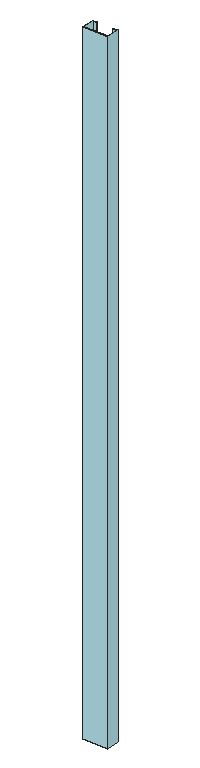
Revit family "as40x20x7x1-0", category 機械設備, Revit 2022
Family settings
  丸型コネクタ寸法 = 直径を使用
  種別 = なし
  パーツ タイプ = 標準
  作業面ベース = いいえ
  常に垂直 = はい
  ロード時にボイドで切り取り = いいえ
  注釈の向きを維持 = いいえ
  共有 = いいえ
  部屋計算ポイント = いいえ
Parameters
  製造元 = "株式会社桐井製作所"
  既定の高さ = 0 mm
  URL = "https://www.kirii.co.jp/"
  K_長さ(mm) [instance] = 1000 mm
  K_外形寸法(mm) = "40×20×7×1.0"
  K_品名 = "リップ付チャンネルAS-40×20×7×1.0"
  K_名称 = "斜め部材(ブレース材)"
  K_バージョン情報 = "20210714"
Reference planes
  plane 1 "中心(正面/背面)": y = 0
  plane 2: z = 0
  plane 3 "中心(左/右)": x = 0
  plane 4: x = 20
  plane 5: x = -20
  plane 6: z = 1000
Forms (mm)
  Extrusion 1, solid
    sketch origin (0, 1, 0) x (1, 0, 0) y (0, 1, 0)
      loop
        line (-20, 19) -> (-20, -1) -> (20, -1) -> (20, 19) -> (13, 19) -> (13, 18) -> (19, 18) -> (19, 0) -> (-19, 0) -> (-19, 18) -> (-13, 18) -> (-13, 19) -> (-20, 19)
    from 0 to 1000
Dimensions and locks
  "K_長さ(mm)": plane 6 to plane 2
  aligned and locked: level to plane 2
  aligned and locked: plane 6 to Extrusion 1
Automatic sketch dimensions
  Extrusion 1 sketch curve to plane 4 = 0 mm
  Extrusion 1 sketch curve to plane 4 = 7 mm
  Extrusion 1 sketch curve to plane 1 "中心(正面/背面)" = 19 mm  (x2)
  Extrusion 1 sketch curve to Extrusion 1 sketch curve = 1 mm  (x2)
  Extrusion 1 sketch curve to plane 3 "中心(左/右)" = 13 mm
  plane 5 to Extrusion 1 sketch curve = 1 mm
  Extrusion 1 sketch curve to plane 1 "中心(正面/背面)" = 1 mm
  Extrusion 1 sketch curve to plane 4 = 1 mm
  Extrusion 1 sketch curve to plane 5 = 0 mm
  plane 1 "中心(正面/背面)" to Extrusion 1 sketch curve = 0 mm
